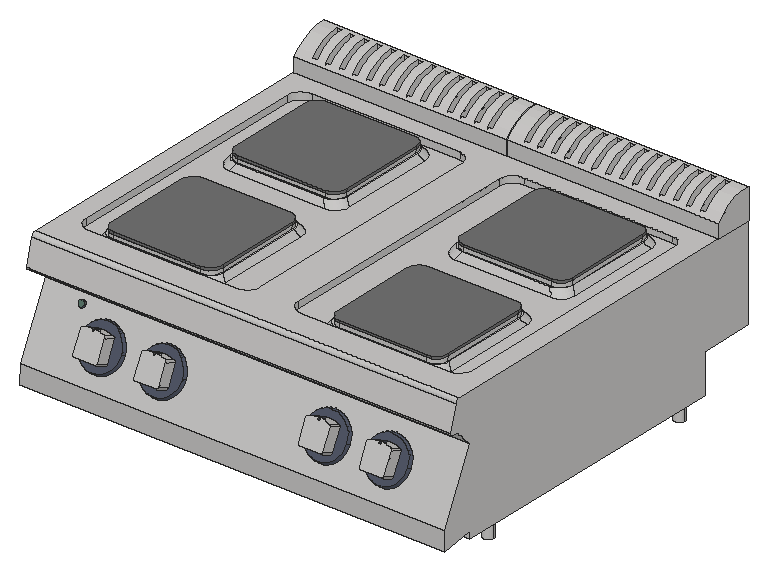
Revit family "QF_ZANUSSI_372017_Z7ECEH4Q00", category Specialty Equipment, Revit 2018 (continued)
Automatic sketch dimensions
  curve 1 to plane 1 "BACK" = 150.019 mm
  curve 4 to curve 7 = 69.85 mm
  Extrusion 5 sketch curve to plane 10 "TOP A" = 0 mm
  Extrusion 5 sketch curve to plane 1 "BACK" = 0 mm
  plane 1 "BACK" to Extrusion 5 sketch curve = 4.947 mm
  plane 6 "TOP" to Extrusion 5 sketch curve = 11.113 mm
  plane 1 "BACK" to Extrusion 5 sketch curve = 69.85 mm
  Extrusion 5 sketch curve to plane 10 "TOP A" = 24.807 mm
  plane 1 "BACK" to Extrusion 6 sketch curve = 6.761 mm  (x14)
  Extrusion 6 sketch curve to Extrusion 6 sketch curve = 57.15 mm
  Extrusion 6 sketch curve to Extrusion 6 sketch curve = 0 mm  (x13)
  plane 3 "LEFT" to Extrusion 6 sketch curve = 29.703 mm
  Extrusion 6 sketch curve to Extrusion 6 sketch curve = 9.296 mm  (x14)
  Extrusion 6 sketch curve to Extrusion 6 sketch curve = 16.193 mm  (x13)
  Extrusion 7 sketch curve to plane 10 "TOP A" = 0 mm
  Extrusion 7 sketch curve to plane 1 "BACK" = 0 mm
  plane 1 "BACK" to Extrusion 7 sketch curve = 4.947 mm
  plane 6 "TOP" to Extrusion 7 sketch curve = 11.113 mm
  plane 1 "BACK" to Extrusion 7 sketch curve = 69.85 mm
  Extrusion 7 sketch curve to plane 10 "TOP A" = 24.807 mm
  plane 1 "BACK" to Extrusion 8 sketch curve = 6.761 mm  (x14)
  Extrusion 8 sketch curve to Extrusion 8 sketch curve = 57.15 mm
  Extrusion 8 sketch curve to Extrusion 8 sketch curve = 0 mm  (x13)
  plane 7 "Center Y" to Extrusion 8 sketch curve = 29.703 mm
  Extrusion 8 sketch curve to Extrusion 8 sketch curve = 9.296 mm  (x14)
  Extrusion 8 sketch curve to Extrusion 8 sketch curve = 16.193 mm  (x13)
  plane 11 to Extrusion 9 sketch curve = 6.35 mm  (x2)
  plane 3 "LEFT" to Extrusion 9 sketch curve = 35.025 mm
  plane 11 to Extrusion 9 sketch curve = 31.75 mm  (x2)
  Extrusion 9 sketch curve to Extrusion 9 sketch curve = 25.4 mm  (x4)
  Extrusion 9 sketch curve to plane 7 "Center Y" = 60.425 mm  (x2)
  plane 7 "Center Y" to Extrusion 9 sketch curve = 35.025 mm
  Extrusion 9 sketch curve to plane 12 = 17.353 mm  (x2)
  Extrusion 9 sketch curve to plane 4 "RIGHT" = 60.425 mm  (x2)
  plane 3 "LEFT" to Blend 10 sketch curve = 130.025 mm  (x2)
  plane 3 "LEFT" to Extrusion 11 sketch curve = 107.025 mm
  Extrusion 11 sketch curve to Extrusion 11 sketch curve = 2.997 mm  (x3)
  Extrusion 11 sketch curve to Extrusion 11 sketch curve = 20.003 mm  (x2)
  Extrusion 11 sketch curve to Extrusion 11 sketch curve = 40.005 mm
  Extrusion 11 sketch curve to Extrusion 11 sketch curve = 5.399 mm
  Extrusion 11 sketch curve to Extrusion 11 sketch curve = 40.037 mm
  Extrusion 11 sketch curve to Extrusion 11 sketch curve = 0 mm  (x2)
  plane 14 "panel" to Extrusion 12 sketch curve = 35 mm
  plane 15 to Extrusion 12 sketch curve = 5.671 mm
  Extrusion 12 sketch curve to Extrusion 12 sketch curve = 3 mm
  Extrusion 12 sketch curve to Extrusion 12 sketch curve = 0 mm  (x2)
  Extrusion 12 sketch curve to Extrusion 12 sketch curve = 1 mm
  Extrusion 12 sketch curve to Extrusion 12 sketch curve = 15 mm
  plane 3 "LEFT" to Extrusion 13 sketch curve = 75.024 mm
  plane 3 "LEFT" to Extrusion 14 sketch curve = 112.525 mm
  Extrusion 14 sketch curve to Extrusion 14 sketch curve = 35 mm  (x2)
  Split face 1 sketch curve to Split face 1 sketch curve = 6 mm
  Split face 1 sketch curve to Split face 1 sketch curve = 10 mm
  Split face 2 sketch curve to Split face 2 sketch curve = 5 mm
  Split face 2 sketch curve to Split face 2 sketch curve = 9 mm
  Split face 3 sketch curve to Split face 3 sketch curve = 5 mm
  Split face 4 sketch curve to Split face 4 sketch curve = 5 mm
  Blend 15 sketch curve to plane 7 "Center Y" = 155.025 mm  (x2)
  Extrusion 16 sketch curve to plane 7 "Center Y" = 178.025 mm
  Extrusion 16 sketch curve to Extrusion 16 sketch curve = 2.997 mm  (x3)
  Extrusion 16 sketch curve to Extrusion 16 sketch curve = 20.003 mm  (x2)
  Extrusion 16 sketch curve to Extrusion 16 sketch curve = 40.005 mm
  Extrusion 16 sketch curve to Extrusion 16 sketch curve = 5.399 mm
  Extrusion 16 sketch curve to Extrusion 16 sketch curve = 40.037 mm
  Extrusion 16 sketch curve to Extrusion 16 sketch curve = 0 mm  (x2)
  Extrusion 17 sketch curve to plane 7 "Center Y" = 172.525 mm
  Extrusion 17 sketch curve to Extrusion 17 sketch curve = 35 mm  (x2)
  Split face 24 sketch curve to Split face 24 sketch curve = 6 mm
  Split face 24 sketch curve to Split face 24 sketch curve = 10 mm
  Split face 25 sketch curve to Split face 25 sketch curve = 5 mm
  Split face 25 sketch curve to Split face 25 sketch curve = 9 mm
  Split face 26 sketch curve to Split face 26 sketch curve = 5 mm
  Split face 27 sketch curve to Split face 27 sketch curve = 5 mm
  plane 7 "Center Y" to Blend 18 sketch curve = 155.025 mm  (x2)
  plane 7 "Center Y" to Extrusion 19 sketch curve = 132.025 mm
  Extrusion 19 sketch curve to Extrusion 19 sketch curve = 2.997 mm  (x3)
  Extrusion 19 sketch curve to Extrusion 19 sketch curve = 20.003 mm  (x2)
  Extrusion 19 sketch curve to Extrusion 19 sketch curve = 40.005 mm
  Extrusion 19 sketch curve to Extrusion 19 sketch curve = 5.399 mm
  Extrusion 19 sketch curve to Extrusion 19 sketch curve = 40.037 mm
  Extrusion 19 sketch curve to Extrusion 19 sketch curve = 0 mm  (x2)
  plane 14 "panel" to Extrusion 20 sketch curve = 35 mm
  plane 15 to Extrusion 20 sketch curve = 5.671 mm
  Extrusion 20 sketch curve to Extrusion 20 sketch curve = 3 mm
  Extrusion 20 sketch curve to Extrusion 20 sketch curve = 0 mm  (x2)
  Extrusion 20 sketch curve to Extrusion 20 sketch curve = 1 mm
  Extrusion 20 sketch curve to Extrusion 20 sketch curve = 15 mm
  plane 7 "Center Y" to Extrusion 21 sketch curve = 137.525 mm
  Extrusion 21 sketch curve to Extrusion 21 sketch curve = 35 mm  (x2)
  Split face 29 sketch curve to Split face 29 sketch curve = 6 mm
  Split face 29 sketch curve to Split face 29 sketch curve = 10 mm
  Split face 30 sketch curve to Split face 30 sketch curve = 5 mm
  Split face 30 sketch curve to Split face 30 sketch curve = 9 mm
  Split face 31 sketch curve to Split face 31 sketch curve = 5 mm
  Split face 32 sketch curve to Split face 32 sketch curve = 5 mm
  Blend 22 sketch curve to plane 4 "RIGHT" = 130.025 mm  (x2)
  Extrusion 23 sketch curve to plane 4 "RIGHT" = 153.025 mm
  Extrusion 23 sketch curve to Extrusion 23 sketch curve = 2.997 mm  (x3)
  Extrusion 23 sketch curve to Extrusion 23 sketch curve = 20.003 mm  (x2)
  Extrusion 23 sketch curve to Extrusion 23 sketch curve = 40.005 mm
  Extrusion 23 sketch curve to Extrusion 23 sketch curve = 5.399 mm
  Extrusion 23 sketch curve to Extrusion 23 sketch curve = 40.037 mm
  Extrusion 23 sketch curve to Extrusion 23 sketch curve = 0 mm  (x2)
  Extrusion 24 sketch curve to plane 4 "RIGHT" = 147.525 mm
  Extrusion 24 sketch curve to Extrusion 24 sketch curve = 35 mm  (x2)
  Split face 52 sketch curve to Split face 52 sketch curve = 6 mm
  Split face 52 sketch curve to Split face 52 sketch curve = 10 mm
  Split face 53 sketch curve to Split face 53 sketch curve = 5 mm
  Split face 53 sketch curve to Split face 53 sketch curve = 9 mm
  Split face 54 sketch curve to Split face 54 sketch curve = 5 mm
  Split face 55 sketch curve to Split face 55 sketch curve = 5 mm
  plane 14 "panel" to Extrusion 25 sketch curve = 35 mm
  plane 15 to Extrusion 25 sketch curve = 5.671 mm
  Extrusion 25 sketch curve to Extrusion 25 sketch curve = 3 mm
  Extrusion 25 sketch curve to Extrusion 25 sketch curve = 0 mm  (x2)
  Extrusion 25 sketch curve to Extrusion 25 sketch curve = 1 mm
  Extrusion 25 sketch curve to Extrusion 25 sketch curve = 15 mm
  plane 14 "panel" to Extrusion 26 sketch curve = 35 mm
  plane 15 to Extrusion 26 sketch curve = 5.671 mm
  Extrusion 26 sketch curve to Extrusion 26 sketch curve = 3 mm
  Extrusion 26 sketch curve to Extrusion 26 sketch curve = 0 mm  (x2)
  Extrusion 26 sketch curve to Extrusion 26 sketch curve = 1 mm
  Extrusion 26 sketch curve to Extrusion 26 sketch curve = 15 mm
  radius of Extrusion 2 sketch curve = 9.525 mm  (x4)
  radius of Extrusion 3 sketch curve = 12.7 mm
  radius of Blend 10 sketch curve = 42.5 mm
  radius of Blend 10 sketch curve = 40.5 mm
  radius of Extrusion 13 sketch curve = 6 mm
  radius of Split face 5 sketch curve = 2.029 mm
  radius of Split face 6 sketch curve = 1.5 mm
  radius of Split face 7 sketch curve = 1.5 mm
  radius of Split face 8 sketch curve = 1.5 mm
  radius of Split face 9 sketch curve = 1.5 mm
  radius of Split face 10 sketch curve = 1.5 mm
  radius of Split face 11 sketch curve = 1.5 mm
  radius of Split face 12 sketch curve = 1.5 mm
  radius of Split face 13 sketch curve = 1.5 mm
  radius of Split face 14 sketch curve = 1.5 mm
  radius of Blend 15 sketch curve = 42.5 mm
  radius of Blend 15 sketch curve = 40.5 mm
  radius of Split face 15 sketch curve = 1.5 mm
  radius of Split face 16 sketch curve = 1.5 mm
  radius of Split face 17 sketch curve = 1.5 mm
  radius of Split face 18 sketch curve = 1.5 mm
  radius of Split face 19 sketch curve = 1.5 mm
  radius of Split face 20 sketch curve = 1.5 mm
  radius of Split face 21 sketch curve = 1.5 mm
  radius of Split face 22 sketch curve = 1.5 mm
  radius of Split face 23 sketch curve = 1.5 mm
  radius of Split face 28 sketch curve = 2.031 mm
  radius of Blend 18 sketch curve = 42.5 mm
  radius of Blend 18 sketch curve = 40.5 mm
  radius of Split face 33 sketch curve = 2.029 mm
  radius of Split face 34 sketch curve = 1.5 mm
  radius of Split face 35 sketch curve = 1.5 mm
  radius of Split face 36 sketch curve = 1.5 mm
  radius of Split face 37 sketch curve = 1.5 mm
  radius of Split face 38 sketch curve = 1.5 mm
  radius of Split face 39 sketch curve = 1.5 mm
  radius of Split face 40 sketch curve = 1.5 mm
  radius of Split face 41 sketch curve = 1.5 mm
  radius of Split face 42 sketch curve = 1.5 mm
  radius of Blend 22 sketch curve = 42.5 mm
  radius of Blend 22 sketch curve = 40.5 mm
  radius of Split face 43 sketch curve = 1.5 mm
  radius of Split face 44 sketch curve = 1.5 mm
  radius of Split face 45 sketch curve = 1.5 mm
  radius of Split face 46 sketch curve = 1.5 mm
  radius of Split face 47 sketch curve = 1.5 mm
  radius of Split face 48 sketch curve = 1.5 mm
  radius of Split face 49 sketch curve = 1.5 mm
  radius of Split face 50 sketch curve = 1.5 mm
  radius of Split face 51 sketch curve = 1.5 mm
  radius of Split face 56 sketch curve = 2.031 mm
Nested families
  nested 1: "QF_372017_HOT PLATES" at (72.525, -113.898, 261.938), type "QF_372017_HOT PLATES"
    with Type Mark "", Specification by User "", Revision Code "", Item Number "", Installed By "", Identify Quantity as Lot yes, Furnished By "", Foodservice Equipment Identifier yes
  nested 2: "QF_372017_HOT PLATES" at (72.525, -635.872, 261.938), type "QF_372017_HOT PLATES"
    with Type Mark "", Specification by User "", Revision Code "", Item Number "", Installed By "", Identify Quantity as Lot yes, Furnished By "", Foodservice Equipment Identifier yes
  nested 3: "QF_372017_HOT PLATES" at (727.575, -113.898, 261.938) x (-1, 0, 0) z (0, 0, 1), type "QF_372017_HOT PLATES"
    with Type Mark "", Specification by User "", Revision Code "", Item Number "", Installed By "", Identify Quantity as Lot yes, Furnished By "", Foodservice Equipment Identifier yes
  nested 4: "QF_372017_HOT PLATES" at (727.575, -635.872, 261.938) x (-1, 0, 0) z (0, 0, 1), type "QF_372017_HOT PLATES"
    with Type Mark "", Specification by User "", Revision Code "", Item Number "", Installed By "", Identify Quantity as Lot yes, Furnished By "", Foodservice Equipment Identifier yes
Connectors
  electrical at (747.613, -98.425, 60.513), driven by "Volts", driven by "Watts"
    settings: on Extrusion 3, index 1, voltage 400 V, apparent load 10400 VA, apparent load phase1 0 VA, apparent load phase2 0 VA, apparent load phase3 0 VA, power factor 1, load classification "Other", number of poles 1, system type 30, power factor state 1, is connector primary yes, connector utility no, sub classification motor no, connector description "Electrical Connection"
Definition of nested family "QF_372017_HOT PLATES"
  Parameters
    Width = 230 mm  # constant formula
    Weight in Pounds = 0
    URL Cutsheet = ""
    URL = ""
    Type Mark [instance] = ""
    Specification by User [instance] = ""
    Specification by Manufacturer = ""
    Serial Number = ""
    Seismic Rating = ""
    SMACNA No = ""
    Revision Code [instance] = ""
    Omniclass Number and Title = ""
    NAFEM Spec ID Number = ""
    Model = ""
    Masterspec = ""
    Manufacturer = ""
    Item Number [instance] = ""
    Installed By [instance] = ""
    Identify Quantity as Lot [instance] = yes
    Height = 23 mm  # constant formula
    Furnished By [instance] = ""
    Foodservice Equipment Identifier [instance] = yes
    Description = ""
    Depth = 230 mm  # constant formula
    CSI MasterFormat = ""
    CSI Master Format = ""
    Assembly Code = ""
  Reference planes
    plane 1 "BACK": y = 0
    plane 2: z = 0
    plane 3 "LEFT": x = 0
    plane 4 "RIGHT": x = 230
    plane 5 "FRONT": y = -230
    plane 6 "TOP": z = 23
    plane 7 "Center Y": x = 115
    plane 8 "Center X": y = -115
  Forms (mm)
    Extrusion 1, solid
      sketch origin (-72.525, 113.875, 19.181) x (1, 0, 0) y (0, 1, 0)
        loop
          arc (82.823, -310.573) -> (89.325, -326.271) -> (105.023, -332.773) r 22.2
          line (105.023, -332.773) -> (269.223, -332.773)
          arc (269.223, -332.773) -> (284.921, -326.271) -> (291.423, -310.573) r 22.2
          line (291.423, -310.573) -> (291.423, -146.373)
          arc (291.423, -146.373) -> (284.921, -130.675) -> (269.223, -124.173) r 22.2
          line (269.223, -124.173) -> (105.023, -124.173)
          arc (105.023, -124.173) -> (89.325, -130.675) -> (82.823, -146.373) r 22.2
          line (82.823, -146.373) -> (82.823, -310.573)
      from 0 to 3.819
    Blend 2, solid
      base sketch origin (-72.525, 113.875, 0) x (1, 0, 0) y (0, 1, 0)
        loop
          arc (97.925, -113.875) -> (79.964, -121.314) -> (72.525, -139.275) r 25.4
          line (72.525, -139.275) -> (72.525, -318.475)
          arc (72.525, -318.475) -> (79.964, -336.436) -> (97.925, -343.875) r 25.4
          line (97.925, -343.875) -> (277.125, -343.875)
          arc (277.125, -343.875) -> (295.086, -336.436) -> (302.525, -318.475) r 25.4
          line (302.525, -318.475) -> (302.525, -139.275)
          arc (302.525, -139.275) -> (295.086, -121.314) -> (277.125, -113.875) r 25.4
          line (277.125, -113.875) -> (97.925, -113.875)
      top sketch origin (-72.525, 113.875, 0) x (1, 0, 0) y (0, 1, 0)
        loop
          line (105.023, -335.973) -> (269.223, -335.973)
          arc (269.223, -335.973) -> (287.183, -328.533) -> (294.623, -310.573) r 25.4
          line (294.623, -310.573) -> (294.623, -146.373)
          arc (294.623, -146.373) -> (287.183, -128.412) -> (269.223, -120.973) r 25.4
          line (269.223, -120.973) -> (105.023, -120.973)
          arc (105.023, -120.973) -> (87.062, -128.412) -> (79.623, -146.373) r 25.4
          line (79.623, -146.373) -> (79.623, -310.573)
          arc (79.623, -310.573) -> (87.062, -328.533) -> (105.023, -335.973) r 25.4
      from 0 to 11.731
    Extrusion 3, solid
      sketch origin (-72.525, 113.875, 11.731) x (1, 0, 0) y (0, 1, 0)
        loop
          line (105.023, -332.773) -> (269.223, -332.773)
          arc (269.223, -332.773) -> (284.921, -326.271) -> (291.423, -310.573) r 22.2
          line (291.423, -310.573) -> (291.423, -146.373)
          arc (291.423, -146.373) -> (284.921, -130.675) -> (269.223, -124.173) r 22.2
          line (269.223, -124.173) -> (105.023, -124.173)
          arc (105.023, -124.173) -> (89.325, -130.675) -> (82.823, -146.373) r 22.2
          line (82.823, -146.373) -> (82.823, -310.573)
          arc (82.823, -310.573) -> (89.325, -326.271) -> (105.023, -332.773) r 22.2
      from 0 to 7.45
  Lines and regions (mm)
    symbolic lines
      curve 1: arc (0, -25.4, 0) -> (7.439, -7.439, 0) -> (25.4, 0, 0) r 25.4
      curve 2: line (25.4, 0, 0) -> (204.6, 0, 0)
      curve 3: arc (204.6, 0, 0) -> (222.561, -7.439, 0) -> (230, -25.4, 0) r 25.4
      curve 4: line (230, -25.4, 0) -> (230, -204.6, 0)
      curve 5: line (0, -204.6, 0) -> (0, -25.4, 0)
      curve 6: arc (25.4, -230, 0) -> (7.439, -222.561, 0) -> (0, -204.6, 0) r 25.4
      curve 7: line (204.6, -230, 0) -> (25.4, -230, 0)
      curve 8: arc (230, -204.6, 0) -> (222.561, -222.561, 0) -> (204.6, -230, 0) r 25.4
      curve 9: line (196.698, -7.098, 0) -> (32.498, -7.098, 0)
      curve 10: arc (32.498, -7.098, 0) -> (14.537, -14.537, 0) -> (7.098, -32.498, 0) r 25.4
      curve 11: line (7.098, -32.498, 0) -> (7.098, -196.698, 0)
      curve 12: arc (7.098, -196.698, 0) -> (14.537, -214.658, 0) -> (32.498, -222.098, 0) r 25.4
      curve 13: line (32.498, -222.098, 0) -> (196.698, -222.098, 0)
      curve 14: arc (196.698, -222.098, 0) -> (214.658, -214.658, 0) -> (222.098, -196.698, 0) r 25.4
      curve 15: line (222.098, -196.698, 0) -> (222.098, -32.498, 0)
      curve 16: arc (222.098, -32.498, 0) -> (214.658, -14.537, 0) -> (196.698, -7.098, 0) r 25.4
      curve 17: line (196.698, -10.298, 0) -> (32.498, -10.298, 0)
      curve 18: arc (32.498, -10.298, 0) -> (16.8, -16.8, 0) -> (10.298, -32.498, 0) r 22.2
      curve 19: line (10.298, -32.498, 0) -> (10.298, -196.698, 0)
      curve 20: arc (10.298, -196.698, 0) -> (16.8, -212.396, 0) -> (32.498, -218.898, 0) r 22.2
      curve 21: line (32.498, -218.898, 0) -> (196.698, -218.898, 0)
      curve 22: arc (196.698, -218.898, 0) -> (212.396, -212.396, 0) -> (218.898, -196.698, 0) r 22.2
      curve 23: line (218.898, -196.698, 0) -> (218.898, -32.498, 0)
      curve 24: arc (218.898, -32.498, 0) -> (212.396, -16.8, 0) -> (196.698, -10.298, 0) r 22.2
  Dimensions and locks
    equal spacing: plane 3 "LEFT", plane 7 "Center Y", plane 4 "RIGHT"
    "Width": plane 3 "LEFT" to plane 4 "RIGHT"
    equal spacing: plane 5 "FRONT", plane 8 "Center X", plane 1 "BACK"
    "Depth": plane 5 "FRONT" to plane 1 "BACK"
    plane 1 "BACK" to plane 5 "FRONT" = 230 mm
    "Height": plane 6 "TOP" to level
    aligned and locked: level to plane 2
  Automatic sketch dimensions
    Blend 2 sketch curve to plane 3 "LEFT" = 0 mm
    plane 1 "BACK" to Blend 2 sketch curve = 0 mm
    plane 5 "FRONT" to Blend 2 sketch curve = 0 mm
    Blend 2 sketch curve to plane 4 "RIGHT" = 0 mm
    plane 3 "LEFT" to Blend 2 sketch curve = 25.4 mm  (x2)
    Blend 2 sketch curve to plane 4 "RIGHT" = 25.4 mm  (x2)
    plane 3 "LEFT" to Blend 2 sketch curve = 7.098 mm
    plane 1 "BACK" to Blend 2 sketch curve = 7.098 mm
    plane 3 "LEFT" to Blend 2 sketch curve = 32.498 mm
    Blend 2 sketch curve to Blend 2 sketch curve = 25.4 mm
    Blend 2 sketch curve to plane 5 "FRONT" = 7.902 mm
    Blend 2 sketch curve to plane 4 "RIGHT" = 33.302 mm  (x2)
    Blend 2 sketch curve to plane 4 "RIGHT" = 7.902 mm
    Extrusion 3 sketch curve to Extrusion 3 sketch curve = 22.2 mm
    Extrusion 3 sketch curve to Blend 2 = 25.4 mm
    Extrusion 1 sketch curve to Extrusion 3 = 22.2 mm
    Extrusion 1 sketch curve to Extrusion 1 sketch curve = 22.2 mm
    curve 1 to plane 3 "LEFT" = 0 mm
    plane 1 "BACK" to curve 1 = 0 mm
    plane 3 "LEFT" to curve 1 = 25.4 mm
    curve 2 to plane 4 "RIGHT" = 25.4 mm
    curve 3 to plane 4 "RIGHT" = 0 mm
    curve 4 to plane 5 "FRONT" = 25.4 mm
    curve 5 to plane 5 "FRONT" = 25.4 mm
    plane 5 "FRONT" to curve 6 = 0 mm
    plane 3 "LEFT" to curve 11 = 7.098 mm
    curve 6 to curve 13 = 7.098 mm
    plane 1 "BACK" to curve 10 = 7.098 mm
    curve 1 to curve 10 = 7.098 mm
    curve 14 to curve 7 = 7.902 mm
    curve 16 to curve 3 = 7.902 mm
    curve 16 to plane 4 "RIGHT" = 7.902 mm
    curve 13 to plane 5 "FRONT" = 7.902 mm
    curve 10 to curve 18 = 0 mm  (x2)
    curve 12 to curve 20 = 0 mm  (x2)
    curve 14 to curve 22 = 0 mm  (x2)
    curve 16 to curve 24 = 0 mm
    curve 10 to curve 19 = 3.2 mm
    radius of Extrusion 3 sketch curve to Blend 2 = 3.2 mm  (x2)
    radius of Extrusion 1 sketch curve to Extrusion 3 = 0 mm  (x2)
